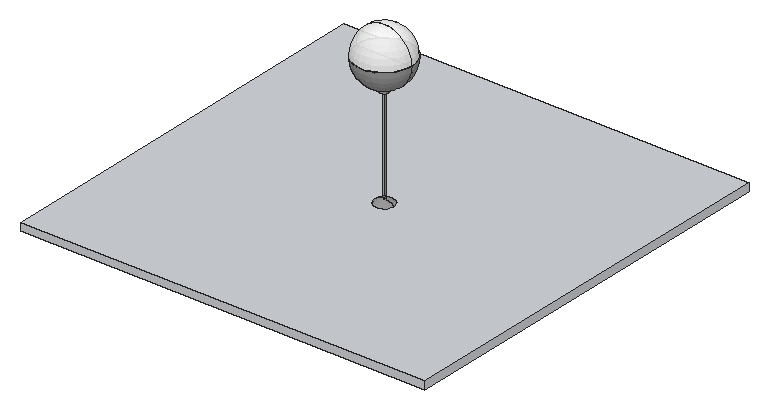
Revit family "P500147-015-30", category Lighting Fixtures, host Face, Revit 2014
Parameters (values of type "P500148-015-30")
  Watts = 17 W
  Wattage Comments = "17"
  Wattage = 17 W
  Warranty = "5 years Warranty"  # constant formula
  built-in parameter 1150110 = 1 (stored number, unit not read)
  Voltage = 120 V
  URL = "https://www.hubbell.com/progresslighting/en"
  built-in parameter 1114217 = 1 (stored number, unit not read)
  Tilt Angle = 60.00°
  built-in parameter 1150109 = 1 (stored number, unit not read)
  built-in parameter 1150134 = 3
  built-in parameter 1150113 = 1 (stored number, unit not read)
  String = Paint - Hubbell - White Texture
  Product Link = "https://www.hubbell.com/progresslighting/en/Products/Lighting-Controls/Residential-Indoor-Lighting/New-Indoor-Products/Globe-LED-Collection-Polished-Chrome-One-Light-LED-Pendant/p/3980737"
  Product Documentation Link = "https://hubbellcdn.com/specsheet/PROG_P500148-015-30_spec.pdf"
  Power Factor = 1
  Photometric Web File = "generic"
  built-in parameter 1150142 = (empty or 0)
  Model = "P500148-015-30"  # constant formula
  Manufacturer = "Progress Lighting"  # constant formula
  built-in parameter 1150105 = 135.28 (stored number, unit not read)
  Lumens = 1700 lm
  built-in parameter 1150115 = 1 (stored number, unit not read)
  Load Classification = Lighting
  built-in parameter 1150137 = (empty or 0)
  built-in parameter 1150139 = (empty or 0)
  built-in parameter 1150112 = 1 (stored number, unit not read)
  built-in parameter 1150114 = 1 (stored number, unit not read)
  built-in parameter 1150132 = (empty or 0)
  built-in parameter 1150102 = (empty or 0)
  built-in parameter 1150107 = 3200 (stored number, unit not read)
  built-in parameter 1150138 = (empty or 0)
  built-in parameter 1150106 = 1.3528 (stored number, unit not read)
  built-in parameter 1150104 = 9.2903 (stored number, unit not read)
  Dimming Lamp Color Temperature Shift = <None>
  Diameter = 11 5/8"
  Lamp = "A-19"
  Housing Material = Paint - Hubbell - Light Silver
  Glass = Hubbell - Glass
  Fixture distribution = "Direct"  # constant formula
  Specifications = "Polished Chrome (-015) (Plated)\r\n• Steel Construction\r\n• Opal Glass Globe\r\n• The cap holds a beautiful opal glass shade ready to emit gentle illumination.\r\n• A distinctive classic globe pendant is accented by a striking metal polished chrome cap.\r\n• This versatile pendant can be displayed as a single fixture or in groups of two or more to create a\r\ncustom lighting design for your home.\r\n• Ideal for any foyer, kitchen, or dining room.\r\n• Perfect for mid-century modern, transitional, modern, or contemporary settings.\r\n• Measures 11-5/8-inch width by 13-1/2-inch height.\r\n• Overall length with cord is 136-1/2”\r\n• Uses one LED bulb that is included (17w max).\r\n• Able to be fully dimmable with dimmable bulbs.\r\n• Includes installation instructions and mounting hardware.\r\n• Progress Lighting products are designed for exceptional quality, reliability, and functionality.\r\n• Canopy covers a standard 4 inch octagonal recessed outlet box\r\n• Mounting 1/8 IP Mounting Plate for outlet box included\r\n• 10 feet of wire supplied\r\n• ENERGY STAR® qualified\r\n• Meets California Title 24 JA8-2016\r"  # constant formula
  Height = 13 1/2"
  Description = "A distinctive classic globe pendant is accented by a striking metal polished chrome cap. The cap holds\r\na beautiful opal glass shade ready to emit gentle illumination. This versatile pendant can be displayed\r\nas a single fixture or in groups of two or more to create a custom lighting design for your home."  # constant formula
  Default Elevation = 48"
  Copyright = " ©2020 Progress Lighting, a division of Hubbell Lighting, Inc"  # constant formula
  Contact = "https://www.hubbell.com/progresslighting/en/contactUs"
  Connector Description = "Lighting Connector"  # constant formula
  Color Filter = 16777215
  built-in parameter 1114218 = 1 (stored number, unit not read)
  built-in parameter 1150133 = 10 (stored number, unit not read)
  Assembly Code = "D5020200"
  Apparent Load = Watts / Power Factor  # 17 VA
Reference planes (in)
  plane 1 "Center (Front/Back)": y = 0
  plane 2: z = 0.5561
  plane 3 "Center (Left/Right)": x = 0
  plane 4: x = -5.8125
  plane 5: x = 5.8125
  plane 6: y = 6.75
  plane 7: y = -6.75
  plane 8: z = 37.0561
  plane 9: z = 23.5561
Forms (in)
  Extrusion 1, solid
    sketch origin (0, 0, 0) x (1, 0, 0) y (0, 1, 0)
      loop
        line (-48, 48) -> (-48, -48) -> (48, -48) -> (48, 48) -> (-48, 48)
    from 0.5561 to -1.25
  Revolve 2, solid, material "Paint - Hubbell - Light Silver" <- "Housing Material"
    sketch origin (0, 0, 0) x (1, 0, 0) y (0, 0, 1)
      loop
        line (0, 0.5561) -> (2.25, 0.5561)
        arc (2.25, 0.5561) -> (1.28787, 1.19227) -> (0.20413, 1.58712) r 4.92345
        line (0.20413, 1.58712) -> (0.20413, 2.24546) -> (0, 2.24546) -> (0, 0.5561)
      axis (0, 2.24546) -> (0, 0.5561)
    angle from 0 to 360
  Revolve 3, solid, material "Paint - Hubbell - White Texture" <- "String"
    sketch origin (0, 0, 0) x (1, 0, 0) y (0, 0, 1)
      loop
        line (0, 2.24546) -> (0.20413, 2.24546) -> (0.20413, 24.1186) -> (0, 24.1186) -> (0, 2.24546)
      axis (0, 24.1186) -> (0, 2.24546)
    angle from 0 to 360
  Revolve 4, solid, material "Paint - Hubbell - Light Silver" <- "Housing Material"
    sketch origin (0, 0, 0) x (1, 0, 0) y (0, 0, 1)
      loop
        line (0, 24.1186) -> (0.25, 24.1186) -> (0.25, 24.3061) -> (1, 24.3061) -> (1, 25.29109)
        arc (1, 25.29109) -> (5.01371, 27.51849) -> (6.60806, 31.82304) r 6.60806
        line (6.60806, 31.82304) -> (0, 31.82304) -> (0, 24.1186)
      axis (0, 31.82304) -> (0, 24.1186)
    angle from 0 to 360
  Revolve 5, solid, material "Hubbell - Glass" <- "Glass"
    sketch origin (0, 0, 0) x (1, 0, 0) y (0, 0, 1)
      loop
        arc (6.60806, 31.82304) -> (4.6726, 36.49565) -> (0, 38.4311) r 6.60806
        line (0, 38.4311) -> (0, 31.82304) -> (6.60806, 31.82304)
      axis (0, 38.4311) -> (0, 31.82304)
    angle from 0 to 360
Dimensions and locks (in)
  "Diameter": plane 4 to plane 5
  "Height": plane 7 to plane 6
  equal spacing: plane 7, plane 1 "Center (Front/Back)", plane 6
  equal spacing: plane 4, plane 3 "Center (Left/Right)", plane 5
  plane 8 to Extrusion 1 = 36 1/2"
  plane 8 to plane 9 to plane 2 = 13 1/2", 23"
  plane 8 to plane 2 = 36 1/2"
  plane 8 to plane 9 = 13 1/2"
  aligned and locked: plane 2 to Extrusion 1
Automatic sketch dimensions
  Extrusion 1 sketch curve to Extrusion 1 sketch curve = 96"  (x2)
  Revolve 2 sketch curve to plane 2 = 0"
  Revolve 2 sketch curve to plane 3 "Center (Left/Right)" = 0"  (x2)
  Revolve 2 sketch curve to plane 3 "Center (Left/Right)" = 0.92785"
  plane 3 "Center (Left/Right)" to Revolve 2 sketch curve = 2 1/4"
  plane 3 "Center (Left/Right)" to Revolve 2 sketch curve = 0.20413"
  Revolve 2 sketch curve to Revolve 2 sketch curve = 20.79557"
  Revolve 2 sketch curve to Revolve 2 sketch curve = 0.65834"
  Revolve 2 sketch curve to Revolve 2 sketch curve = 25.39871"
  Revolve 2 sketch curve to Revolve 2 sketch curve = 1.68936"
  Revolve 3 sketch curve to plane 3 "Center (Left/Right)" = 0"  (x2)
  plane 9 to Revolve 3 sketch curve = 9/16"
  Revolve 3 sketch curve to Revolve 3 sketch curve = 0.20413"
  plane 2 to Revolve 3 sketch curve = 1.68936"
  Revolve 3 sketch curve to level = 24"
  Revolve 3 sketch curve to Revolve 3 sketch curve = 3.52557"
  Revolve 4 sketch curve to plane 3 "Center (Left/Right)" = 0"  (x3)
  plane 9 to Revolve 4 sketch curve = 9/16"
  plane 3 "Center (Left/Right)" to Revolve 4 sketch curve = 1/4"
  Revolve 4 sketch curve to Revolve 4 sketch curve = 3/4"
  Revolve 4 sketch curve to Revolve 4 sketch curve = 3/16"
  Revolve 4 sketch curve to Revolve 4 sketch curve = 0.98498"
  plane 5 to Revolve 4 sketch curve = 0.79556"
  Revolve 4 sketch curve to level = 24"
  Revolve 4 sketch curve to Revolve 4 sketch curve = 2.35309"
  Revolve 5 sketch curve to plane 3 "Center (Left/Right)" = 0"  (x2)
  plane 8 to Revolve 5 sketch curve = 1 3/8"
  plane 3 "Center (Left/Right)" to Revolve 5 sketch curve = 6.60806"
  Revolve 5 sketch curve to level = 24"
  Revolve 5 sketch curve to Revolve 5 sketch curve = 4.17887"
Connectors (in)
  electrical at (0, 0, 0.5561), driven by "Voltage", driven by "Apparent Load", driven by "Power Factor", driven by "Connector Description"
    settings: on Revolve 2, index 1, voltage 120 V, apparent load 17 VA, apparent load phase1 0 VA, apparent load phase2 0 VA, apparent load phase3 0 VA, power factor 1, load classification "Other", number of poles 1, system type 30, power factor state 1, is connector primary yes, connector utility no, sub classification motor no, connector description "Lighting Connector"
